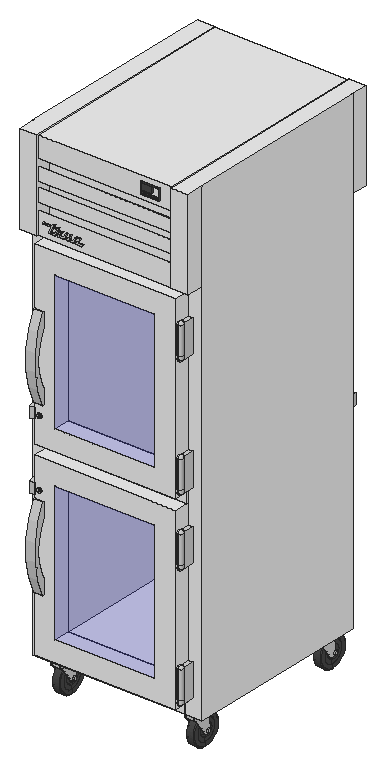
Revit family "QF_TRUE_STR1RPT-2HG-1S-HC", category Specialty Equipment, Revit 2012 (continued)
Automatic sketch dimensions
  Extrusion 6 sketch curve to Extrusion 6 sketch curve = 0.15992"
  Extrusion 6 sketch curve to Extrusion 6 sketch curve = 0.46666"
  Extrusion 6 sketch curve to Extrusion 6 sketch curve = 0.00582"
  Extrusion 6 sketch curve to Extrusion 6 sketch curve = 0.08216"
  Extrusion 6 sketch curve to Extrusion 6 sketch curve = 0.16397"
  Extrusion 6 sketch curve to Extrusion 6 sketch curve = 0.12601"
  Extrusion 6 sketch curve to Extrusion 6 sketch curve = 0.1363"
  Extrusion 6 sketch curve to Extrusion 6 sketch curve = 0.02323"
  Extrusion 6 sketch curve to Extrusion 6 sketch curve = 0.03844"
  Extrusion 6 sketch curve to Extrusion 6 sketch curve = 0.0454"
  Extrusion 6 sketch curve to Extrusion 6 sketch curve = 0.05693"
  Extrusion 6 sketch curve to Extrusion 6 sketch curve = 0.0917"
  Extrusion 6 sketch curve to Extrusion 6 sketch curve = 0.01902"
  Extrusion 6 sketch curve to Extrusion 6 sketch curve = 0.02191"
  Extrusion 6 sketch curve to Extrusion 6 sketch curve = 0.0347"
  Extrusion 6 sketch curve to Extrusion 6 sketch curve = 0.06385"
  Extrusion 6 sketch curve to Extrusion 6 sketch curve = 0.02906"
  Extrusion 6 sketch curve to Extrusion 6 sketch curve = 0.02851"
  Extrusion 6 sketch curve to Extrusion 6 sketch curve = 0.29237"
  Extrusion 6 sketch curve to Extrusion 6 sketch curve = 0.00537"
  Extrusion 6 sketch curve to Extrusion 6 sketch curve = 0.0406"
  Extrusion 6 sketch curve to Extrusion 6 sketch curve = 0.04327"
  Extrusion 6 sketch curve to Extrusion 6 sketch curve = 0.02615"
  Extrusion 6 sketch curve to Extrusion 6 sketch curve = 0.11806"
  Extrusion 6 sketch curve to Extrusion 6 sketch curve = 0.15103"
  Extrusion 6 sketch curve to Extrusion 6 sketch curve = 0.10007"
  Extrusion 6 sketch curve to Extrusion 6 sketch curve = 0.5254"
  Extrusion 6 sketch curve to Extrusion 6 sketch curve = 0.14787"
  Extrusion 6 sketch curve to plane 5 "TOP" = 13.64562"
  Extrusion 6 sketch curve to Extrusion 6 sketch curve = 0.07275"
  Extrusion 6 sketch curve to Extrusion 6 sketch curve = 0.05776"
  Extrusion 6 sketch curve to Extrusion 6 sketch curve = 0.08631"
  Extrusion 6 sketch curve to Extrusion 6 sketch curve = 0.09282"
  Extrusion 6 sketch curve to Extrusion 6 sketch curve = 0.13018"
  Extrusion 6 sketch curve to Extrusion 6 sketch curve = 0.16714"
  Extrusion 6 sketch curve to Extrusion 6 sketch curve = 0.11061"
  Extrusion 6 sketch curve to Extrusion 6 sketch curve = 0.06046"
  Extrusion 6 sketch curve to Extrusion 6 sketch curve = 0.16548"
  Extrusion 6 sketch curve to Extrusion 6 sketch curve = 0.14279"
  Extrusion 6 sketch curve to Extrusion 6 sketch curve = 0.0496"
  Extrusion 6 sketch curve to Extrusion 6 sketch curve = 0.07293"
  Extrusion 6 sketch curve to Extrusion 6 sketch curve = 0.07764"
  Extrusion 6 sketch curve to Extrusion 6 sketch curve = 0.03794"
  Extrusion 6 sketch curve to Extrusion 6 sketch curve = 0.08552"
  Extrusion 6 sketch curve to Extrusion 6 sketch curve = 0.09296"
  Extrusion 6 sketch curve to Extrusion 6 sketch curve = 0.09314"
  Extrusion 6 sketch curve to Extrusion 6 sketch curve = 0.02781"
  Extrusion 6 sketch curve to Extrusion 6 sketch curve = 0.04981"
  Extrusion 6 sketch curve to Extrusion 6 sketch curve = 0.09315"
  Extrusion 6 sketch curve to Extrusion 6 sketch curve = 0.04799"
  Extrusion 6 sketch curve to Extrusion 6 sketch curve = 0.02531"
  Extrusion 6 sketch curve to Extrusion 6 sketch curve = 0.03054"
  Extrusion 6 sketch curve to Extrusion 6 sketch curve = 0.2589"
  Extrusion 6 sketch curve to Extrusion 6 sketch curve = 0.0674"
  Extrusion 6 sketch curve to Extrusion 6 sketch curve = 0.0324"
  Extrusion 6 sketch curve to Extrusion 6 sketch curve = 0.26185"
  Extrusion 6 sketch curve to Extrusion 6 sketch curve = 11/256"
  Extrusion 6 sketch curve to Extrusion 6 sketch curve = 0.07366"
  Extrusion 6 sketch curve to Extrusion 6 sketch curve = 0.02187"
  Extrusion 6 sketch curve to Extrusion 6 sketch curve = 0.06479"
  Extrusion 6 sketch curve to Extrusion 6 sketch curve = 0.01183"
  Extrusion 6 sketch curve to Extrusion 6 sketch curve = 0.05778"
  Extrusion 6 sketch curve to Extrusion 6 sketch curve = 0.53375"
  Extrusion 6 sketch curve to Extrusion 6 sketch curve = 0.23098"
  Extrusion 6 sketch curve to Extrusion 6 sketch curve = 0"
  Extrusion 6 sketch curve to Extrusion 6 sketch curve = 0.05045"
  Extrusion 6 sketch curve to Extrusion 6 sketch curve = 0.09139"
  Extrusion 6 sketch curve to Extrusion 6 sketch curve = 29/128"  (x3)
  Extrusion 7 sketch curve to plane 3 "RIGHT" = 3 1/4"
  Extrusion 7 sketch curve to plane 5 "TOP" = 2 1/8"
  Revolve 8 sketch curve to plane 3 "RIGHT" = 4.35148"
  Revolve 8 sketch curve to Revolve 8 sketch curve = 0.48273"
  Revolve 8 sketch curve to Revolve 8 sketch curve = 0.4"
  Revolve 8 sketch curve to Revolve 8 sketch curve = 0"  (x2)
  Revolve 8 sketch curve to Revolve 8 sketch curve = 0.1"  (x2)
  Revolve 8 sketch curve to Revolve 8 sketch curve = 0.16101"
  Revolve 8 sketch curve to Revolve 8 sketch curve = 0.75408"
  Revolve 8 sketch curve to Revolve 8 sketch curve = 0.92798"
  Revolve 8 sketch curve to Revolve 8 sketch curve = 0.06101"
  Revolve 8 sketch curve to Revolve 8 sketch curve = 1/2"
  Revolve 8 sketch curve to Revolve 8 sketch curve = 0.16509"
  Revolve 8 sketch curve to Revolve 8 sketch curve = 0.39592"
  level to Revolve 8 sketch curve = 2 1/2"
  Revolve 8 sketch curve to Revolve 8 sketch curve = 0.29941"  (x2)
  Revolve 8 sketch curve to Revolve 8 sketch curve = 3/4"  (x4)
  Revolve 8 sketch curve to Revolve 8 sketch curve = 0.59652"
  Revolve 8 sketch curve to Revolve 8 sketch curve = 0.60059"
  Extrusion 9 sketch curve to plane 6 = 0.63926"  (x2)
  Extrusion 9 sketch curve to plane 4 "FRONT" = 3.79864"
  Extrusion 9 sketch curve to Extrusion 9 sketch curve = 1/4"  (x2)
  level to Extrusion 9 sketch curve = 2.18736"  (x2)
  Extrusion 9 sketch curve to Extrusion 9 sketch curve = 1.7492"  (x2)
  Extrusion 9 sketch curve to Extrusion 9 sketch curve = 0.50669"  (x2)
  Extrusion 9 sketch curve to Extrusion 9 sketch curve = 2 1/2"  (x2)
  level to Extrusion 9 sketch curve = 2.59003"  (x2)
  Extrusion 9 sketch curve to Extrusion 9 sketch curve = 0.59966"  (x2)
  plane 8 to Extrusion 9 sketch curve = 6.82645"
  Extrusion 9 sketch curve to Extrusion 9 sketch curve = 0.60485"  (x2)
  Extrusion 10 sketch curve to plane 6 = 0.63926"  (x2)
  Extrusion 10 sketch curve to plane 4 "FRONT" = 3.79864"
  Extrusion 10 sketch curve to Extrusion 10 sketch curve = 1/4"  (x2)
  level to Extrusion 10 sketch curve = 2.18736"  (x2)
  Extrusion 10 sketch curve to Extrusion 10 sketch curve = 1.7492"  (x2)
  Extrusion 10 sketch curve to Extrusion 10 sketch curve = 0.50669"  (x2)
  Extrusion 10 sketch curve to Extrusion 10 sketch curve = 2 1/2"  (x2)
  level to Extrusion 10 sketch curve = 2.59003"  (x2)
  Extrusion 10 sketch curve to Extrusion 10 sketch curve = 0.59966"  (x2)
  plane 8 to Extrusion 10 sketch curve = 6.82645"
  Extrusion 10 sketch curve to Extrusion 10 sketch curve = 0.60485"  (x2)
  Revolve 11 sketch curve to plane 6 = 0.62954"
  Revolve 11 sketch curve to plane 3 "RIGHT" = 4.14082"
  Revolve 11 sketch curve to Revolve 11 sketch curve = 1.29707"
  Revolve 11 sketch curve to Revolve 11 sketch curve = 0"
  Revolve 11 sketch curve to Revolve 11 sketch curve = 0.10278"
  Revolve 11 sketch curve to plane 6 = 0.00141"
  plane 6 to Revolve 11 sketch curve = 0.26768"
  Revolve 12 sketch curve to level = 0"
  Revolve 12 sketch curve to plane 6 = 0"
  Revolve 12 sketch curve to plane 3 "RIGHT" = 4.17713"
  level to Revolve 12 sketch curve = 1"
  Revolve 12 sketch curve to plane 3 "RIGHT" = 3 19/32"
  Revolve 12 sketch curve to Revolve 12 sketch curve = 1/4"
  Revolve 12 sketch curve to Revolve 12 sketch curve = 1/2"
  Revolve 12 sketch curve to Revolve 12 sketch curve = 0"
  Revolve 12 sketch curve to Revolve 12 sketch curve = 5/8"
  plane 6 to Revolve 12 sketch curve = 1 25/32"
  Revolve 13 sketch curve to level = 0"
  Revolve 13 sketch curve to plane 6 = 0"
  Revolve 13 sketch curve to plane 3 "RIGHT" = 4.17713"
  level to Revolve 13 sketch curve = 1"
  Revolve 13 sketch curve to plane 3 "RIGHT" = 3 19/32"
  Revolve 13 sketch curve to Revolve 13 sketch curve = 1/4"
  Revolve 13 sketch curve to Revolve 13 sketch curve = 1/2"
  Revolve 13 sketch curve to Revolve 13 sketch curve = 0"
  Revolve 13 sketch curve to Revolve 13 sketch curve = 5/8"
  plane 6 to Revolve 13 sketch curve = 1 25/32"
  Revolve 14 sketch curve to plane 6 = 0.62954"
  Revolve 14 sketch curve to plane 3 "RIGHT" = 4.14082"
  Revolve 14 sketch curve to Revolve 14 sketch curve = 1.29707"
  Revolve 14 sketch curve to Revolve 14 sketch curve = 0"
  Revolve 14 sketch curve to Revolve 14 sketch curve = 0.10278"
  Revolve 14 sketch curve to plane 6 = 0.00141"
  plane 6 to Revolve 14 sketch curve = 0.26768"
  Extrusion 15 sketch curve to plane 6 = 0.63926"  (x2)
  Extrusion 15 sketch curve to plane 4 "FRONT" = 3.79864"
  Extrusion 15 sketch curve to Extrusion 15 sketch curve = 1/4"  (x2)
  Extrusion 15 sketch curve to Extrusion 15 sketch curve = 2 1/2"  (x2)
  Extrusion 15 sketch curve to plane 6 = 0.93273"  (x2)
  Extrusion 15 sketch curve to Extrusion 15 sketch curve = 0.03603"
  plane 8 to Extrusion 15 sketch curve = 6.82645"
  Extrusion 15 sketch curve to plane 6 = 1.24411"
  plane 2 "LEFT" to Revolve 16 sketch curve = 1.33602"
  Revolve 16 sketch curve to Revolve 16 sketch curve = 0.48273"
  Revolve 16 sketch curve to Revolve 16 sketch curve = 0.4"
  Revolve 16 sketch curve to Revolve 16 sketch curve = 0"  (x2)
  Revolve 16 sketch curve to Revolve 16 sketch curve = 0.1"  (x2)
  Revolve 16 sketch curve to Revolve 16 sketch curve = 0.16101"
  Revolve 16 sketch curve to Revolve 16 sketch curve = 0.75408"
  Revolve 16 sketch curve to Revolve 16 sketch curve = 0.92798"
  Revolve 16 sketch curve to Revolve 16 sketch curve = 0.06101"
  Revolve 16 sketch curve to Revolve 16 sketch curve = 1/2"
  Revolve 16 sketch curve to Revolve 16 sketch curve = 0.16509"
  Revolve 16 sketch curve to Revolve 16 sketch curve = 0.39592"
  level to Revolve 16 sketch curve = 2 1/2"
  Revolve 16 sketch curve to Revolve 16 sketch curve = 0.29941"  (x2)
  Revolve 16 sketch curve to Revolve 16 sketch curve = 3/4"  (x4)
  Revolve 16 sketch curve to Revolve 16 sketch curve = 0.59652"
  Revolve 16 sketch curve to Revolve 16 sketch curve = 0.60059"
  Extrusion 17 sketch curve to plane 6 = 0.63926"  (x2)
  Extrusion 17 sketch curve to plane 4 "FRONT" = 3.79864"
  Extrusion 17 sketch curve to Extrusion 17 sketch curve = 1/4"  (x2)
  level to Extrusion 17 sketch curve = 2.18736"  (x2)
  Extrusion 17 sketch curve to Extrusion 17 sketch curve = 1.7492"  (x2)
  Extrusion 17 sketch curve to Extrusion 17 sketch curve = 0.50669"  (x2)
  Extrusion 17 sketch curve to Extrusion 17 sketch curve = 2 1/2"  (x2)
  level to Extrusion 17 sketch curve = 2.59003"  (x2)
  Extrusion 17 sketch curve to Extrusion 17 sketch curve = 0.59966"  (x2)
  plane 8 to Extrusion 17 sketch curve = 6.82645"
  Extrusion 17 sketch curve to Extrusion 17 sketch curve = 0.60485"  (x2)
  Extrusion 18 sketch curve to plane 6 = 0.63926"  (x2)
  Extrusion 18 sketch curve to plane 4 "FRONT" = 3.79864"
  Extrusion 18 sketch curve to Extrusion 18 sketch curve = 1/4"  (x2)
  level to Extrusion 18 sketch curve = 2.18736"  (x2)
  Extrusion 18 sketch curve to Extrusion 18 sketch curve = 1.7492"  (x2)
  Extrusion 18 sketch curve to Extrusion 18 sketch curve = 0.50669"  (x2)
  Extrusion 18 sketch curve to Extrusion 18 sketch curve = 2 1/2"  (x2)
  level to Extrusion 18 sketch curve = 2.59003"  (x2)
  Extrusion 18 sketch curve to Extrusion 18 sketch curve = 0.59966"  (x2)
  plane 8 to Extrusion 18 sketch curve = 6.82645"
  Extrusion 18 sketch curve to Extrusion 18 sketch curve = 0.60485"  (x2)
  Revolve 19 sketch curve to plane 6 = 0.62954"
  plane 2 "LEFT" to Revolve 19 sketch curve = 1.54668"
  Revolve 19 sketch curve to Revolve 19 sketch curve = 1.29707"
  Revolve 19 sketch curve to Revolve 19 sketch curve = 0"
  Revolve 19 sketch curve to Revolve 19 sketch curve = 0.10278"
  Revolve 19 sketch curve to plane 6 = 0.00141"
  plane 6 to Revolve 19 sketch curve = 0.26768"
  Revolve 20 sketch curve to level = 0"
  Revolve 20 sketch curve to plane 6 = 0"
  plane 2 "LEFT" to Revolve 20 sketch curve = 1.51037"
  level to Revolve 20 sketch curve = 1"
  plane 2 "LEFT" to Revolve 20 sketch curve = 2 3/32"
  Revolve 20 sketch curve to Revolve 20 sketch curve = 1/4"
  Revolve 20 sketch curve to Revolve 20 sketch curve = 1/2"
  Revolve 20 sketch curve to Revolve 20 sketch curve = 0"
  Revolve 20 sketch curve to Revolve 20 sketch curve = 5/8"
  plane 6 to Revolve 20 sketch curve = 1 25/32"
  Revolve 21 sketch curve to level = 0"
  Revolve 21 sketch curve to plane 6 = 0"
  plane 2 "LEFT" to Revolve 21 sketch curve = 1.51037"
  level to Revolve 21 sketch curve = 1"
  plane 2 "LEFT" to Revolve 21 sketch curve = 2 3/32"
  Revolve 21 sketch curve to Revolve 21 sketch curve = 1/4"
  Revolve 21 sketch curve to Revolve 21 sketch curve = 1/2"
  Revolve 21 sketch curve to Revolve 21 sketch curve = 0"
  Revolve 21 sketch curve to Revolve 21 sketch curve = 5/8"
  plane 6 to Revolve 21 sketch curve = 1 25/32"
  Revolve 22 sketch curve to plane 6 = 0.62954"
  plane 2 "LEFT" to Revolve 22 sketch curve = 1.54668"
  Revolve 22 sketch curve to Revolve 22 sketch curve = 1.29707"
  Revolve 22 sketch curve to Revolve 22 sketch curve = 0"
  Revolve 22 sketch curve to Revolve 22 sketch curve = 0.10278"
  Revolve 22 sketch curve to plane 6 = 0.00141"
  plane 6 to Revolve 22 sketch curve = 0.26768"
  Extrusion 23 sketch curve to plane 6 = 0.63926"  (x2)
  Extrusion 23 sketch curve to plane 4 "FRONT" = 3.79864"
  Extrusion 23 sketch curve to Extrusion 23 sketch curve = 1/4"  (x2)
  Extrusion 23 sketch curve to Extrusion 23 sketch curve = 2 1/2"  (x2)
  Extrusion 23 sketch curve to plane 6 = 0.93273"  (x2)
  Extrusion 23 sketch curve to Extrusion 23 sketch curve = 0.03603"
  plane 8 to Extrusion 23 sketch curve = 6.82645"
  Extrusion 23 sketch curve to plane 6 = 1.24411"
  plane 2 "LEFT" to Extrusion 24 sketch curve = 2 9/32"
  Extrusion 24 sketch curve to plane 3 "RIGHT" = 2 9/32"
  Extrusion 24 sketch curve to plane 5 "TOP" = 16 5/32"
  plane 6 to Extrusion 24 sketch curve = 1 29/32"
  plane 8 to Extrusion 25 sketch curve = 0"
  Extrusion 25 sketch curve to plane 3 "RIGHT" = 2 55/64"
  Extrusion 25 sketch curve to plane 3 "RIGHT" = 3/64"
  Extrusion 25 sketch curve to Extrusion 25 sketch curve = 2 3/4"
  plane 8 to Extrusion 26 sketch curve = 0"
  plane 2 "LEFT" to Extrusion 26 sketch curve = 3/64"
  Extrusion 26 sketch curve to Extrusion 26 sketch curve = 2 13/16"
  Extrusion 26 sketch curve to Extrusion 26 sketch curve = 3.0792"
  plane 8 to Extrusion 27 sketch curve = 0.60979"
  Extrusion 27 sketch curve to Extrusion 27 sketch curve = 0.43503"
  Extrusion 27 sketch curve to Extrusion 27 sketch curve = 0.20453"
  Extrusion 27 sketch curve to Extrusion 27 sketch curve = 1.50065"
  Extrusion 27 sketch curve to plane 5 "TOP" = 19.57271"
  Extrusion 27 sketch curve to Extrusion 27 sketch curve = 4.39928"
  Extrusion 27 sketch curve to Extrusion 27 sketch curve = 0.71221"
  plane 8 to Revolve 28 sketch curve = 3/16"  (x2)
  Revolve 28 sketch curve to Revolve 28 sketch curve = 0.38242"
  Revolve 28 sketch curve to Revolve 28 sketch curve = 0.38436"
  plane 8 to Revolve 28 sketch curve = 0.59416"
  Revolve 28 sketch curve to Revolve 28 sketch curve = 0.40666"
  Revolve 28 sketch curve to Revolve 28 sketch curve = 0"
  Revolve 28 sketch curve to plane 5 "TOP" = 18.75492"
  Revolve 28 sketch curve to Revolve 28 sketch curve = 0.55526"
  Revolve 28 sketch curve to Revolve 28 sketch curve = 0.19474"
  Revolve 28 sketch curve to Revolve 28 sketch curve = 0.14649"
  Revolve 28 sketch curve to Revolve 28 sketch curve = 4.42889"
  Revolve 28 sketch curve to Revolve 28 sketch curve = 0.05342"
  Revolve 28 sketch curve to Revolve 28 sketch curve = 0.51246"
  Revolve 28 sketch curve to Revolve 28 sketch curve = 0.05889"
  plane 2 "LEFT" to Extrusion 29 sketch curve = 1.88366"
  Extrusion 29 sketch curve to Extrusion 29 sketch curve = 0.39759"
  Extrusion 29 sketch curve to plane 5 "TOP" = 19.6514"
  Extrusion 29 sketch curve to Extrusion 29 sketch curve = 4.47281"
  plane 8 to Extrusion 30 sketch curve = 0.60979"
  Extrusion 30 sketch curve to Extrusion 30 sketch curve = 0.43503"
  Extrusion 30 sketch curve to Extrusion 30 sketch curve = 0.20453"
  Extrusion 30 sketch curve to Extrusion 30 sketch curve = 1.50065"
  plane 6 to Extrusion 30 sketch curve = 38.92729"
  Extrusion 30 sketch curve to Extrusion 30 sketch curve = 4.39928"
  Extrusion 30 sketch curve to Extrusion 30 sketch curve = 0.71221"
  plane 8 to Revolve 31 sketch curve = 3/16"  (x2)
  Revolve 31 sketch curve to Revolve 31 sketch curve = 0.38242"
  Revolve 31 sketch curve to Revolve 31 sketch curve = 0.38436"
  plane 8 to Revolve 31 sketch curve = 0.59416"
  Revolve 31 sketch curve to Revolve 31 sketch curve = 0.40666"
  Revolve 31 sketch curve to Revolve 31 sketch curve = 0"
  Revolve 31 sketch curve to plane 5 "TOP" = 38.25492"
  Revolve 31 sketch curve to Revolve 31 sketch curve = 0.55526"
  Revolve 31 sketch curve to Revolve 31 sketch curve = 0.19474"
  Revolve 31 sketch curve to Revolve 31 sketch curve = 0.14649"
  Revolve 31 sketch curve to Revolve 31 sketch curve = 4.42889"
  Revolve 31 sketch curve to Revolve 31 sketch curve = 0.05342"
  Revolve 31 sketch curve to Revolve 31 sketch curve = 0.51246"
  Revolve 31 sketch curve to Revolve 31 sketch curve = 0.05889"
  plane 2 "LEFT" to Extrusion 32 sketch curve = 1.88366"
  Extrusion 32 sketch curve to Extrusion 32 sketch curve = 0.39759"
  plane 6 to Extrusion 32 sketch curve = 38.8486"
  Extrusion 32 sketch curve to Extrusion 32 sketch curve = 4.4717"
  plane 8 to Extrusion 33 sketch curve = 0.60979"
  Extrusion 33 sketch curve to Extrusion 33 sketch curve = 0.43503"
  Extrusion 33 sketch curve to Extrusion 33 sketch curve = 0.20453"
  Extrusion 33 sketch curve to Extrusion 33 sketch curve = 1.50065"
  plane 6 to Extrusion 33 sketch curve = 27.92729"
  Extrusion 33 sketch curve to Extrusion 33 sketch curve = 4.39928"
  Extrusion 33 sketch curve to Extrusion 33 sketch curve = 0.71221"
  plane 8 to Revolve 34 sketch curve = 3/16"  (x2)
  Revolve 34 sketch curve to Revolve 34 sketch curve = 0.38242"
  Revolve 34 sketch curve to Revolve 34 sketch curve = 0.38436"
  plane 8 to Revolve 34 sketch curve = 0.59416"
  Revolve 34 sketch curve to Revolve 34 sketch curve = 0.40666"
  Revolve 34 sketch curve to Revolve 34 sketch curve = 0"
  plane 6 to Revolve 34 sketch curve = 28.74508"
  Revolve 34 sketch curve to Revolve 34 sketch curve = 0.55526"
  Revolve 34 sketch curve to Revolve 34 sketch curve = 0.19474"
  Revolve 34 sketch curve to Revolve 34 sketch curve = 0.14649"
  Revolve 34 sketch curve to Revolve 34 sketch curve = 4.42889"
  Revolve 34 sketch curve to Revolve 34 sketch curve = 0.05342"
  Revolve 34 sketch curve to Revolve 34 sketch curve = 0.51246"
  Revolve 34 sketch curve to Revolve 34 sketch curve = 0.05889"
  plane 2 "LEFT" to Extrusion 35 sketch curve = 1.88366"
  Extrusion 35 sketch curve to Extrusion 35 sketch curve = 0.39759"
  plane 6 to Extrusion 35 sketch curve = 27.8486"
  Extrusion 35 sketch curve to Extrusion 35 sketch curve = 4.47281"
  plane 8 to Extrusion 36 sketch curve = 0.60979"
  Extrusion 36 sketch curve to Extrusion 36 sketch curve = 0.43503"
  Extrusion 36 sketch curve to Extrusion 36 sketch curve = 0.20453"
  Extrusion 36 sketch curve to Extrusion 36 sketch curve = 1.50065"
  plane 6 to Extrusion 36 sketch curve = 8.17729"
  plane 6 to Extrusion 36 sketch curve = 3.57348"
  Extrusion 36 sketch curve to Extrusion 36 sketch curve = 0.75105"
  plane 8 to Revolve 37 sketch curve = 3/16"  (x2)
  Revolve 37 sketch curve to Revolve 37 sketch curve = 0.38242"
  Revolve 37 sketch curve to Revolve 37 sketch curve = 0.38436"
  plane 8 to Revolve 37 sketch curve = 0.59416"
  Revolve 37 sketch curve to Revolve 37 sketch curve = 0.40666"
  Revolve 37 sketch curve to Revolve 37 sketch curve = 0"
  plane 6 to Revolve 37 sketch curve = 8.99508"
  Revolve 37 sketch curve to Revolve 37 sketch curve = 0.55526"
  Revolve 37 sketch curve to Revolve 37 sketch curve = 0.19474"
  Revolve 37 sketch curve to Revolve 37 sketch curve = 0.14649"
  plane 6 to Revolve 37 sketch curve = 3.62689"
  Revolve 37 sketch curve to Revolve 37 sketch curve = 0.05342"
  Revolve 37 sketch curve to Revolve 37 sketch curve = 0.51246"
  Revolve 37 sketch curve to Revolve 37 sketch curve = 0.05889"
  plane 2 "LEFT" to Extrusion 38 sketch curve = 1.88366"
  Extrusion 38 sketch curve to Extrusion 38 sketch curve = 0.39759"
  plane 6 to Extrusion 38 sketch curve = 8.0986"
  plane 6 to Extrusion 38 sketch curve = 3.62579"
  Extrusion 39 sketch curve to plane 3 "RIGHT" = 3.0734"
  Extrusion 39 sketch curve to Extrusion 39 sketch curve = 0.02035"
  Extrusion 39 sketch curve to Extrusion 39 sketch curve = 0.0555"
  plane 6 to Extrusion 39 sketch curve = 31.58145"
  Extrusion 39 sketch curve to Extrusion 39 sketch curve = 0.29355"
  Extrusion 39 sketch curve to Extrusion 39 sketch curve = 0.27385"
  Blend 40 sketch curve to plane 3 "RIGHT" = 2 9/32"  (x2)
  Blend 40 sketch curve to Blend 40 sketch curve = 3/4"
  plane 6 to Blend 40 sketch curve = 32.80419"
  Blend 40 sketch curve to Blend 40 sketch curve = 1 3/4"
  Blend 40 sketch curve to Blend 40 sketch curve = 0.93223"
  plane 6 to Blend 40 sketch curve = 33.23893"
  Blend 40 sketch curve to Blend 40 sketch curve = 2.78233"
  plane 2 "LEFT" to Extrusion 41 sketch curve = 2 9/32"  (x2)
  Extrusion 41 sketch curve to Extrusion 41 sketch curve = 3 11/32"  (x6)
  Extrusion 41 sketch curve to plane 3 "RIGHT" = 5 5/8"  (x2)
  Extrusion 41 sketch curve to plane 3 "RIGHT" = 2 9/32"  (x2)
  plane 6 to Extrusion 41 sketch curve = 1 29/32"
  Extrusion 41 sketch curve to Extrusion 41 sketch curve = 22 7/16"
  Extrusion 41 sketch curve to Extrusion 41 sketch curve = 1 11/16"
  Extrusion 41 sketch curve to plane 5 "TOP" = 19 1/2"
  plane 4 "FRONT" to Extrusion 42 sketch curve = 0.0247"  (x2)
  Extrusion 42 sketch curve to plane 4 "FRONT" = 3/16"  (x2)
  Extrusion 42 sketch curve to plane 4 "FRONT" = 6.88686"
  Extrusion 42 sketch curve to Extrusion 42 sketch curve = 6.44313"
  plane 6 to Extrusion 42 sketch curve = 38 15/16"
  Extrusion 42 sketch curve to Extrusion 42 sketch curve = 2.37851"
  Extrusion 42 sketch curve to Extrusion 42 sketch curve = 4.42149"
  Extrusion 42 sketch curve to Extrusion 42 sketch curve = 0"
  plane 2 "LEFT" to Extrusion 43 sketch curve = 3.0734"
  Extrusion 43 sketch curve to Extrusion 43 sketch curve = 0.02035"
  Extrusion 43 sketch curve to Extrusion 43 sketch curve = 0.0555"
  plane 6 to Extrusion 43 sketch curve = 36.8002"
  Extrusion 43 sketch curve to Extrusion 43 sketch curve = 0.29355"
  Extrusion 43 sketch curve to Extrusion 43 sketch curve = 0.27385"
  plane 2 "LEFT" to Blend 44 sketch curve = 2 9/32"
  Blend 44 sketch curve to Blend 44 sketch curve = 3/4"
  plane 6 to Blend 44 sketch curve = 38.02294"
  Blend 44 sketch curve to Blend 44 sketch curve = 1 3/4"
  Blend 44 sketch curve to plane 2 "LEFT" = 2 9/32"
  Blend 44 sketch curve to Blend 44 sketch curve = 0.93223"
  Blend 44 sketch curve to plane 6 = 35.67535"
  Blend 44 sketch curve to Blend 44 sketch curve = 2.78233"
  Extrusion 45 sketch curve to plane 4 "FRONT" = 0.60979"
  Extrusion 45 sketch curve to Extrusion 45 sketch curve = 0.43503"
  Extrusion 45 sketch curve to Extrusion 45 sketch curve = 0.20453"
  Extrusion 45 sketch curve to Extrusion 45 sketch curve = 1.50065"
  Extrusion 45 sketch curve to plane 5 "TOP" = 19.66646"
  Extrusion 45 sketch curve to Extrusion 45 sketch curve = 4.39928"
  Extrusion 45 sketch curve to Extrusion 45 sketch curve = 0.71221"
  Revolve 46 sketch curve to plane 4 "FRONT" = 3/16"  (x2)
  Revolve 46 sketch curve to Revolve 46 sketch curve = 0.38242"
  Revolve 46 sketch curve to Revolve 46 sketch curve = 0.38436"
  Revolve 46 sketch curve to plane 4 "FRONT" = 0.59416"
  Revolve 46 sketch curve to Revolve 46 sketch curve = 0.40666"
  Revolve 46 sketch curve to Revolve 46 sketch curve = 0"
  Revolve 46 sketch curve to plane 5 "TOP" = 18.84867"
  Revolve 46 sketch curve to Revolve 46 sketch curve = 0.55526"
  Revolve 46 sketch curve to Revolve 46 sketch curve = 0.19474"
  Revolve 46 sketch curve to Revolve 46 sketch curve = 0.14649"
  Revolve 46 sketch curve to Revolve 46 sketch curve = 4.42889"
  Revolve 46 sketch curve to Revolve 46 sketch curve = 0.05342"
  Revolve 46 sketch curve to Revolve 46 sketch curve = 0.51246"
  Revolve 46 sketch curve to Revolve 46 sketch curve = 0.05889"
  Extrusion 47 sketch curve to plane 3 "RIGHT" = 1.88366"
  Extrusion 47 sketch curve to Extrusion 47 sketch curve = 0.39759"
  Extrusion 47 sketch curve to plane 5 "TOP" = 19.74515"
  Extrusion 47 sketch curve to Extrusion 47 sketch curve = 4.47281"
  Extrusion 48 sketch curve to plane 4 "FRONT" = 0.60979"
  Extrusion 48 sketch curve to Extrusion 48 sketch curve = 0.43503"
  Extrusion 48 sketch curve to Extrusion 48 sketch curve = 0.20453"
  Extrusion 48 sketch curve to Extrusion 48 sketch curve = 1.50065"
  plane 6 to Extrusion 48 sketch curve = 38.83354"
  Extrusion 48 sketch curve to Extrusion 48 sketch curve = 4.39928"
  Extrusion 48 sketch curve to Extrusion 48 sketch curve = 0.71221"
  Revolve 49 sketch curve to plane 4 "FRONT" = 3/16"  (x2)
  Revolve 49 sketch curve to Revolve 49 sketch curve = 0.38242"
  Revolve 49 sketch curve to Revolve 49 sketch curve = 0.38436"
  Revolve 49 sketch curve to plane 4 "FRONT" = 0.59416"
  Revolve 49 sketch curve to Revolve 49 sketch curve = 0.40666"
  Revolve 49 sketch curve to Revolve 49 sketch curve = 0"
  Revolve 49 sketch curve to plane 5 "TOP" = 38.34867"
  Revolve 49 sketch curve to Revolve 49 sketch curve = 0.55526"
  Revolve 49 sketch curve to Revolve 49 sketch curve = 0.19474"
  Revolve 49 sketch curve to Revolve 49 sketch curve = 0.14649"
  Revolve 49 sketch curve to Revolve 49 sketch curve = 4.42889"
  Revolve 49 sketch curve to Revolve 49 sketch curve = 0.05342"
  Revolve 49 sketch curve to Revolve 49 sketch curve = 0.51246"
  Revolve 49 sketch curve to Revolve 49 sketch curve = 0.05889"
  Extrusion 50 sketch curve to plane 3 "RIGHT" = 1.88366"
  Extrusion 50 sketch curve to Extrusion 50 sketch curve = 0.39759"
  plane 6 to Extrusion 50 sketch curve = 38.75485"
  Extrusion 50 sketch curve to Extrusion 50 sketch curve = 4.47281"
  Extrusion 51 sketch curve to plane 4 "FRONT" = 0.60979"
  Extrusion 51 sketch curve to Extrusion 51 sketch curve = 0.43503"
  Extrusion 51 sketch curve to Extrusion 51 sketch curve = 0.20453"
  Extrusion 51 sketch curve to Extrusion 51 sketch curve = 1.50065"
  plane 6 to Extrusion 51 sketch curve = 27.83354"
  Extrusion 51 sketch curve to Extrusion 51 sketch curve = 4.39928"
  Extrusion 51 sketch curve to Extrusion 51 sketch curve = 0.71221"
  Revolve 52 sketch curve to plane 4 "FRONT" = 3/16"  (x2)
  Revolve 52 sketch curve to Revolve 52 sketch curve = 0.38242"
  Revolve 52 sketch curve to Revolve 52 sketch curve = 0.38436"
  Revolve 52 sketch curve to plane 4 "FRONT" = 0.59416"
  Revolve 52 sketch curve to Revolve 52 sketch curve = 0.40666"
  Revolve 52 sketch curve to Revolve 52 sketch curve = 0"
  plane 6 to Revolve 52 sketch curve = 28.65133"
  Revolve 52 sketch curve to Revolve 52 sketch curve = 0.55526"
  Revolve 52 sketch curve to Revolve 52 sketch curve = 0.19474"
  Revolve 52 sketch curve to Revolve 52 sketch curve = 0.14649"
  Revolve 52 sketch curve to Revolve 52 sketch curve = 4.42889"
  Revolve 52 sketch curve to Revolve 52 sketch curve = 0.05342"
  Revolve 52 sketch curve to Revolve 52 sketch curve = 0.51246"
  Revolve 52 sketch curve to Revolve 52 sketch curve = 0.05889"
  Extrusion 53 sketch curve to plane 3 "RIGHT" = 1.88366"
  Extrusion 53 sketch curve to Extrusion 53 sketch curve = 0.39759"
  plane 6 to Extrusion 53 sketch curve = 27.75485"
  Extrusion 53 sketch curve to Extrusion 53 sketch curve = 4.47281"
  Extrusion 54 sketch curve to plane 4 "FRONT" = 0.60979"
  Extrusion 54 sketch curve to Extrusion 54 sketch curve = 0.43503"
  Extrusion 54 sketch curve to Extrusion 54 sketch curve = 0.20453"
  Extrusion 54 sketch curve to Extrusion 54 sketch curve = 1.50065"
  plane 6 to Extrusion 54 sketch curve = 8.08354"
  plane 6 to Extrusion 54 sketch curve = 3.47973"
  Extrusion 54 sketch curve to Extrusion 54 sketch curve = 0.6573"
  Revolve 55 sketch curve to plane 4 "FRONT" = 3/16"  (x2)
  Revolve 55 sketch curve to Revolve 55 sketch curve = 0.38242"
  Revolve 55 sketch curve to Revolve 55 sketch curve = 0.38436"
  Revolve 55 sketch curve to plane 4 "FRONT" = 0.59416"
  Revolve 55 sketch curve to Revolve 55 sketch curve = 0.40666"
  Revolve 55 sketch curve to Revolve 55 sketch curve = 0"
  plane 6 to Revolve 55 sketch curve = 8.90133"
  Revolve 55 sketch curve to Revolve 55 sketch curve = 0.55526"
  Revolve 55 sketch curve to Revolve 55 sketch curve = 0.19474"
  Revolve 55 sketch curve to Revolve 55 sketch curve = 0.14649"
  plane 6 to Revolve 55 sketch curve = 3.53314"
  Revolve 55 sketch curve to Revolve 55 sketch curve = 0.05342"
  Revolve 55 sketch curve to Revolve 55 sketch curve = 0.51246"
  Revolve 55 sketch curve to Revolve 55 sketch curve = 0.05889"
  Extrusion 56 sketch curve to plane 3 "RIGHT" = 1.88366"
  Extrusion 56 sketch curve to Extrusion 56 sketch curve = 0.39759"
  plane 6 to Extrusion 56 sketch curve = 8.00485"
  plane 6 to Extrusion 56 sketch curve = 3.53204"
  plane 2 "LEFT" to Extrusion 57 sketch curve = 3.04215"
  Extrusion 57 sketch curve to Extrusion 57 sketch curve = 0.02035"
  Extrusion 57 sketch curve to Extrusion 57 sketch curve = 0.0555"
  plane 6 to Extrusion 57 sketch curve = 25.91365"
  Extrusion 57 sketch curve to Extrusion 57 sketch curve = 0.27385"
  Extrusion 57 sketch curve to Extrusion 57 sketch curve = 0.29355"
  plane 2 "LEFT" to Blend 58 sketch curve = 2 9/32"  (x2)
  Blend 58 sketch curve to Blend 58 sketch curve = 3/4"
  plane 6 to Blend 58 sketch curve = 27.00831"
  Blend 58 sketch curve to Blend 58 sketch curve = 1 3/4"
  Blend 58 sketch curve to Blend 58 sketch curve = 0.93223"
  plane 6 to Blend 58 sketch curve = 27.6059"
  Blend 58 sketch curve to Blend 58 sketch curve = 2.78233"
  plane 2 "LEFT" to Extrusion 59 sketch curve = 2 9/32"
  Extrusion 59 sketch curve to plane 3 "RIGHT" = 2 9/32"
  plane 6 to Extrusion 59 sketch curve = 31 1/32"
  Extrusion 59 sketch curve to Extrusion 59 sketch curve = 1 11/16"
  plane 2 "LEFT" to Extrusion 60 sketch curve = 5 5/8"  (x2)
  Extrusion 60 sketch curve to plane 3 "RIGHT" = 5 5/8"  (x2)
  plane 6 to Extrusion 60 sketch curve = 5 1/4"
  Extrusion 60 sketch curve to Extrusion 60 sketch curve = 22 7/16"
  Extrusion 60 sketch curve to Extrusion 60 sketch curve = 8 3/8"
  Extrusion 60 sketch curve to plane 5 "TOP" = 19 1/2"
  Extrusion 61 sketch curve to plane 5 "TOP" = 2.55982"
  Extrusion 61 sketch curve to plane 3 "RIGHT" = 7.75585"
  Extrusion 61 sketch curve to Extrusion 61 sketch curve = 2 29/32"
  Extrusion 61 sketch curve to plane 5 "TOP" = 13/16"
  Extrusion 62 sketch curve to plane 5 "TOP" = 3/4"
  Extrusion 62 sketch curve to plane 3 "RIGHT" = 7.81835"
  Extrusion 62 sketch curve to Extrusion 62 sketch curve = 1/16"  (x4)
  Extrusion 62 sketch curve to Extrusion 62 sketch curve = 0.1375"  (x2)
  Extrusion 62 sketch curve to Extrusion 62 sketch curve = 1/4"  (x4)
  Extrusion 62 sketch curve to Extrusion 62 sketch curve = 0.44601"
  Extrusion 62 sketch curve to Extrusion 62 sketch curve = 1/2"  (x2)
  Extrusion 62 sketch curve to Extrusion 62 sketch curve = 0.0035"
  Extrusion 62 sketch curve to Extrusion 62 sketch curve = 1.06923"
  Extrusion 62 sketch curve to plane 5 "TOP" = 0.95"
  Extrusion 62 sketch curve to Extrusion 62 sketch curve = 1"
  Extrusion 62 sketch curve to Extrusion 62 sketch curve = 0.34106"  (x3)
  Extrusion 62 sketch curve to Extrusion 62 sketch curve = 0"
  Extrusion 62 sketch curve to Extrusion 62 sketch curve = 0.26876"
  Revolve 63 sketch curve to plane 3 "RIGHT" = 4.35148"
  Revolve 63 sketch curve to Revolve 63 sketch curve = 0.48273"
  Revolve 63 sketch curve to Revolve 63 sketch curve = 0.4"
  Revolve 63 sketch curve to Revolve 63 sketch curve = 0"  (x2)
  Revolve 63 sketch curve to Revolve 63 sketch curve = 0.1"  (x2)
  Revolve 63 sketch curve to Revolve 63 sketch curve = 0.16101"
  Revolve 63 sketch curve to Revolve 63 sketch curve = 0.75408"
  Revolve 63 sketch curve to Revolve 63 sketch curve = 0.92798"
  Revolve 63 sketch curve to Revolve 63 sketch curve = 0.06101"
  Revolve 63 sketch curve to Revolve 63 sketch curve = 1/2"
  Revolve 63 sketch curve to Revolve 63 sketch curve = 0.16509"
  Revolve 63 sketch curve to Revolve 63 sketch curve = 0.39592"
  level to Revolve 63 sketch curve = 2 1/2"
  Revolve 63 sketch curve to Revolve 63 sketch curve = 0.29941"  (x2)
  Revolve 63 sketch curve to Revolve 63 sketch curve = 3/4"  (x4)
  Revolve 63 sketch curve to Revolve 63 sketch curve = 0.59652"
  Revolve 63 sketch curve to Revolve 63 sketch curve = 0.60059"
  plane 2 "LEFT" to Revolve 64 sketch curve = 1.33602"
  Revolve 64 sketch curve to Revolve 64 sketch curve = 0.48273"
  Revolve 64 sketch curve to Revolve 64 sketch curve = 0.4"
  Revolve 64 sketch curve to Revolve 64 sketch curve = 0"  (x2)
  Revolve 64 sketch curve to Revolve 64 sketch curve = 0.1"  (x2)
  Revolve 64 sketch curve to Revolve 64 sketch curve = 0.16101"
  Revolve 64 sketch curve to Revolve 64 sketch curve = 0.75408"
  Revolve 64 sketch curve to Revolve 64 sketch curve = 0.92798"
  Revolve 64 sketch curve to Revolve 64 sketch curve = 0.06101"
  Revolve 64 sketch curve to Revolve 64 sketch curve = 1/2"
  Revolve 64 sketch curve to Revolve 64 sketch curve = 0.16509"
  Revolve 64 sketch curve to Revolve 64 sketch curve = 0.39592"
  level to Revolve 64 sketch curve = 2 1/2"
  Revolve 64 sketch curve to Revolve 64 sketch curve = 0.29941"  (x2)
  Revolve 64 sketch curve to Revolve 64 sketch curve = 3/4"  (x4)
  Revolve 64 sketch curve to Revolve 64 sketch curve = 0.59652"
  Revolve 64 sketch curve to Revolve 64 sketch curve = 0.60059"
  plane 2 "LEFT" to Extrusion 65 sketch curve = 2.28132"
  plane 8 to Extrusion 65 sketch curve = 0.01923"
  Extrusion 65 sketch curve to Extrusion 65 sketch curve = 0.07403"
  plane 8 to Extrusion 65 sketch curve = 0.18638"
  Extrusion 65 sketch curve to plane 3 "RIGHT" = 2 9/32"
  Extrusion 66 sketch curve to plane 4 "FRONT" = 3/16"
  plane 2 "LEFT" to Extrusion 66 sketch curve = 2 9/32"
  Extrusion 66 sketch curve to plane 4 "FRONT" = 0.02035"
  Extrusion 66 sketch curve to plane 3 "RIGHT" = 2.35535"
  Extrusion 66 sketch curve to plane 3 "RIGHT" = 2.28132"
  Extrusion 67 sketch curve to plane 4 "FRONT" = 3/16"
  plane 2 "LEFT" to Extrusion 67 sketch curve = 2 9/32"
  Extrusion 67 sketch curve to plane 4 "FRONT" = 0.02035"
  Extrusion 67 sketch curve to plane 3 "RIGHT" = 2.35535"
  Extrusion 67 sketch curve to plane 3 "RIGHT" = 2.28132"
  plane 2 "LEFT" to Extrusion 68 sketch curve = 2 27/32"
  Extrusion 68 sketch curve to plane 4 "FRONT" = 5 3/16"
  plane 2 "LEFT" to Extrusion 69 sketch curve = 2 27/32"
  plane 8 to Extrusion 69 sketch curve = 5.06602"
  Extrusion 70 sketch curve to plane 3 "RIGHT" = 2 27/32"
  plane 8 to Extrusion 70 sketch curve = 5.06602"
  Extrusion 71 sketch curve to plane 3 "RIGHT" = 2 27/32"
  Extrusion 71 sketch curve to plane 4 "FRONT" = 5 3/16"
  plane 4 "FRONT" to Extrusion 72 sketch curve = 0.0247"  (x2)
  Extrusion 72 sketch curve to plane 4 "FRONT" = 3/16"  (x2)
  Extrusion 72 sketch curve to plane 4 "FRONT" = 6.88686"
  Extrusion 72 sketch curve to Extrusion 72 sketch curve = 6.44313"
  plane 6 to Extrusion 72 sketch curve = 11.2125"
  Extrusion 72 sketch curve to Extrusion 72 sketch curve = 2.37851"
  Extrusion 72 sketch curve to Extrusion 72 sketch curve = 4.42149"
  Extrusion 72 sketch curve to Extrusion 72 sketch curve = 0"
  plane 4 "FRONT" to curve 29 = 3/16"
  curve 25 to curve 29 = 6.49049"
  curve 32 to curve 19 = 2.6399"
  curve 34 to curve 14 = 1.01112"
  curve 34 to curve 39 = 1.40892"
  curve 40 to plane 8 = 0.02513"
  curve 10 to curve 40 = 3 3/4"
  curve 41 to plane 3 "RIGHT" = 11 1/2"
  curve 41 to curve 15 = 7.80625"
  curve 40 to curve 42 = 2.71591"
  curve 42 to curve 15 = 6.32156"
  curve 42 to curve 15 = 1.17146"
  plane 8 to Extrusion 73 sketch curve = 0.18638"  (x2)
  Extrusion 73 sketch curve to plane 3 "RIGHT" = 4 1/4"
  Extrusion 73 sketch curve to Extrusion 73 sketch curve = 2.37735"  (x2)
  Extrusion 73 sketch curve to Extrusion 73 sketch curve = 4.87265"
  Extrusion 73 sketch curve to Extrusion 73 sketch curve = 0"
  Extrusion 73 sketch curve to plane 8 = 0.02513"
  plane 8 to Extrusion 73 sketch curve = 8.63693"
  Extrusion 73 sketch curve to Extrusion 73 sketch curve = 6.63479"
  radius of Extrusion 7 sketch curve = 1/4"
  radius of Extrusion 39 sketch curve = 0.35"
  radius of Extrusion 43 sketch curve = 0.35"
  radius of Extrusion 57 sketch curve = 0.35"
  radius of Extrusion 68 sketch curve = 1 1/2"
  radius of Extrusion 69 sketch curve = 1 1/2"
  radius of Extrusion 70 sketch curve = 1 1/2"
  radius of Extrusion 71 sketch curve = 1 1/2"
Connectors (in)
  electrical at (24.25, 2.48221, 82), driven by "Volts", driven by "Watts"
    settings: on Extrusion 7, index 1, voltage 115 V, apparent load 437 VA, apparent load phase1 0 VA, apparent load phase2 0 VA, apparent load phase3 0 VA, power factor 1, load classification "Other", number of poles 1, system type 30, power factor state 1, is connector primary yes, connector utility no, sub classification motor no, connector description "ELECTRICAL CONNECTION"
